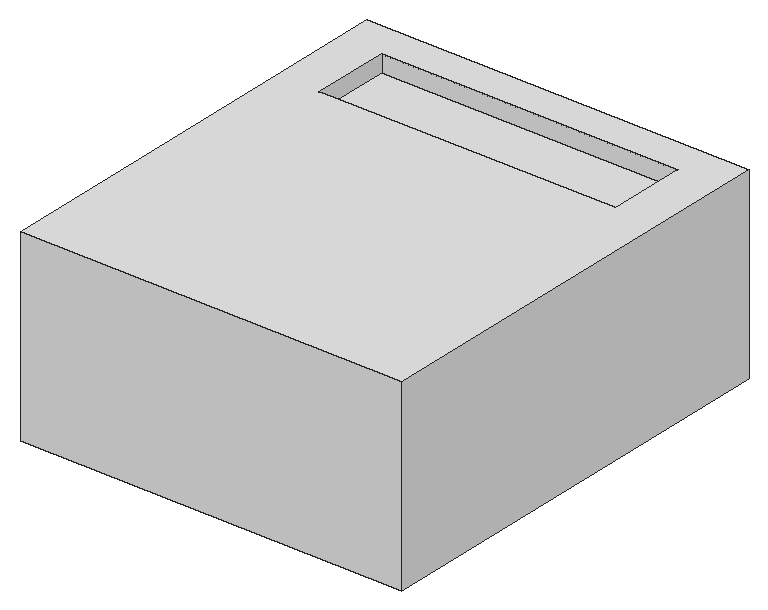
Revit family "Data_Device-Work_Area-Leviton-Surface-Mount-Housing", category Data Devices, host Face, Revit 2013
Parameters (values of type "2-Port")
  z Width = if(z Leviton Type = 1, 2.28000", if(z Leviton Type = 2, 2.25000", if(z Leviton Type = 3, 3.00000", if(z Leviton Type = 4, 3.22000", if(z Leviton Type = 5, 5.20000", if(z Leviton Type = 6, 3.25000", if(z Leviton Type = 12, 5.04000", 3.00000")))))))  # 2.25000"
  z White [instance] = Leviton Color = z Set Color White  # yes
  z Set Color White [instance] = Color Selection : White
  z Set Color Light Almond [instance] = Color Selection : Light Almond
  z Set Color Ivory [instance] = Color Selection : Ivory
  z Set Color Grey [instance] = Color Selection : Grey
  z Set Color Black [instance] = Color Selection : Black
  z Light Almond [instance] = Leviton Color = z Set Color Light Almond  # no
  z Leviton Wallplate Color [instance] = if(and(z White, not(z Light Almond), not(z Ivory), not(z Grey), not(z Black)), 1, if(and(not(z White), z Light Almond, not(z Ivory), not(z Grey), not(z Black)), 2, if(and(not(z White), not(z Light Almond), z Ivory, not(z Grey), not(z Black)), 3, if(and(not(z White), not(z Light Almond), not(z Ivory), z Grey, not(z Black)), 4, if(and(not(z White), not(z Light Almond), not(z Ivory), not(z Grey), z Black), 5, 0)))))  # 1
  z Leviton Type = 2
  z Ivory [instance] = Leviton Color = z Set Color Ivory  # no
  z Has 12 Ports = z Leviton Type = 12  # no
  z Has 06 Ports = z Leviton Type = 6  # no
  z Has 04 S Ports = z Leviton Type = 5  # no
  z Has 04 Ports = z Leviton Type = 4  # no
  z Has 02 S Ports = z Leviton Type = 3  # no
  z Has 02 Ports = z Leviton Type = 2  # yes
  z Has 01 Port = z Leviton Type = 1  # no
  z Grey [instance] = Leviton Color = z Set Color Grey  # no
  z Distance = if(z Collapse, 0.00000", 6.00000")  # 0.00000"
  z Depth = if(z Leviton Type = 1, 1.01000", if(z Leviton Type = 2, 1.10000", if(z Leviton Type = 3, 1.22000", if(z Leviton Type = 4, 1.05000", if(z Leviton Type = 5, 1.22000", if(z Leviton Type = 6, 1.09000", if(z Leviton Type = 12, 1.12000", 1.20000")))))))  # 1.10000"
  z Collapse = yes
  z Black [instance] = Leviton Color = z Set Color Black  # no
  Width [instance] = z Width  # 2.25000"
  URL = "http://www.leviton.com/networksolutions"
  UPC Code [instance] = ""
  Type Comments = ""
  Technical Support Phone Number = "1-800-824-3005"  # constant formula
  Shielded = or(z Leviton Type = 3, z Leviton Type = 5)  # no
  Serial Number [instance] = ""
  Quantity per Package = 0
  Product Documentation Link = "http://www.leviton.com/OA_HTML/SectionDisplay.jsp?section=42100&minisite=10251&page=2"
  Port Count [instance] = 0
  Plenum Rated = or(z Leviton Type = 1, z Leviton Type = 2)  # yes
  Part Number [instance] = if(and(z Leviton Wallplate Color = 1, z Leviton Type = 1), "41089-1WP", if(and(z Leviton Wallplate Color = 1, z Leviton Type = 3), "4S089-2WP", if(and(z Leviton Wallplate Color = 1, z Leviton Type = 2), "41089-2WP", if(and(z Leviton Wallplate Color = 1, z Leviton Type = 5), "4S089-4WP", if(and(z Leviton Wallplate Color = 1, z Leviton Type = 4), "41089-4WP", if(and(z Leviton Wallplate Color = 1, z Leviton Type = 6), "41089-6WP", if(and(z Leviton Wallplate Color = 1, z Leviton Type = 12), "41089-12W", if(and(z Leviton Wallplate Color = 2, z Leviton Type = 2), "41089-2TP", if(and(z Leviton Wallplate Color = 3, z Leviton Type = 1), "41089-1IP", if(and(z Leviton Wallplate Color = 3, z Leviton Type = 3), "4S089-2IP", if(and(z Leviton Wallplate Color = 3, z Leviton Type = 2), "41089-2IP", if(and(z Leviton Wallplate Color = 3, z Leviton Type = 5), "4S089-4IP", if(and(z Leviton Wallplate Color = 3, z Leviton Type = 4), "41089-4IP", if(and(z Leviton Wallplate Color = 3, z Leviton Type = 6), "41089-6IP", if(and(z Leviton Wallplate Color = 3, z Leviton Type = 12), "41089-12I", if(and(z Leviton Wallplate Color = 4, z Leviton Type = 1), "41089-1GP", if(and(z Leviton Wallplate Color = 4, z Leviton Type = 2), "41089-2GP", if(and(z Leviton Wallplate Color = 4, z Leviton Type = 4), "41089-4GP", if(and(z Leviton Wallplate Color = 4, z Leviton Type = 6), "41089-6GP", if(and(z Leviton Wallplate Color = 4, z Leviton Type = 12), "41089-12G", if(and(z Leviton Wallplate Color = 5, z Leviton Type = 1), "41089-1EP", if(and(z Leviton Wallplate Color = 5, z Leviton Type = 2), "41089-2EP", if(and(z Leviton Wallplate Color = 5, z Leviton Type = 4), "41089-4EP", if(and(z Leviton Wallplate Color = 5, z Leviton Type = 6), "41089-6EP", if(and(z Leviton Wallplate Color = 5, z Leviton Type = 12), "41089-12E", "Error: Please verify that the selected options are available \r\r\nand try again.")))))))))))))))))))))))))  # "41089-2WP"
  Part Description = Description  # "Surface-Mount QuickPort Box"
  Original Creation Date = "February 18, 2016"  # constant formula
  Model Disclaimer = "http://www.leviton.com/BIMterms"
  Model = " "
  Minimum Order Quantity = 0
  Manufacturer = "Leviton"  # constant formula
  Leviton Color [instance] = Color Selection : White
  Height [instance] = if(z Leviton Type = 1, 1.41000", if(z Leviton Type = 2, 2.55000", if(z Leviton Type = 3, 2.50000", if(z Leviton Type = 4, 4.78000", if(z Leviton Type = 5, 5.60000", if(z Leviton Type = 6, 6.55000", if(z Leviton Type = 12, 7.44000", 6.00000")))))))  # 2.55000"
  Family Version = "1.0.0"  # constant formula
  Equipment Type = ""
  Equipment Abbreviation = "QPSM"  # constant formula
  Description = "Surface-Mount QuickPort Box"
  Default Elevation = 18.00000"
  Date Last Modified = "January 1, 2017"  # constant formula
  Copyright = "Copyright © 2012-2017 Leviton Manufacturing Co., Inc."  # constant formula
  Check for Latest Version = "http://www.leviton.com/OA_HTML/SectionDisplay.jsp?section=42915&minisite=10251"
  Channel Count [instance] = 0
  Buy America Act [instance] = yes
  Assembly Code = "D5030600"
  Annotation Symbol is Visible = yes
  Annotation Symbol [instance] = Symbol : Data
Types (7): name | z Width | z Leviton Type | z Has 12 Ports | z Has 06 Ports | z Has 04 S Ports | z Has 04 Ports | z Has 02 S Ports | z Has 02 Ports | z Has 01 Port | z Depth | Width | Shielded | Plenum Rated | Part Number | Height
  4-Port | 3.22000" | 4 | no | no | no | yes | no | no | no | 1.05000" | 3.22000" | no | no | "41089-4WP" | 4.78000"
  6-Port | 3.25000" | 6 | no | yes | no | no | no | no | no | 1.09000" | 3.25000" | no | no | "41089-6WP" | 6.55000"
  2-Port | 2.25000" | 2 | no | no | no | no | no | yes | no | 1.10000" | 2.25000" | no | yes | "41089-2WP" | 2.55000"
  1-Port | 2.28000" | 1 | no | no | no | no | no | no | yes | 1.01000" | 2.28000" | no | yes | "41089-1WP" | 1.41000"
  12-Port | 5.04000" | 12 | yes | no | no | no | no | no | no | 1.12000" | 5.04000" | no | no | "41089-12W" | 7.44000"
  4-Port, Shielded | 5.20000" | 5 | no | no | yes | no | no | no | no | 1.22000" | 5.20000" | yes | no | "4S089-4WP" | 5.60000"
  2-Port, Shielded | 3.00000" | 3 | no | no | no | no | yes | no | no | 1.22000" | 3.00000" | yes | no | "4S089-2WP" | 2.50000"
Reference planes (in)
  plane 1 "Center (Front/Back)": y = 0.3225
  plane 2 "Mounting Surface": z = 0
  plane 3 "Center (Left/Right)": x = -0.9065
  plane 4 "Front": z = 1.1
  plane 5: y = -0.9525
  plane 6 "Left": x = -2.0315
  plane 7 "Right": x = 0.2185
  plane 8: y = 1.5975
  plane 9: y = -0.9525
  plane 10: y = -0.9525
  plane 11: y = -0.9525
  plane 12: y = -0.9525
  plane 13: y = 1.5975
  plane 14: y = 1.5975
  plane 15: y = 1.5975
  plane 16 "Top": y = 1.5975
  plane 17 "Bottom": y = -0.9525
  plane 18 "Void Collector": z = -1.03
  plane 19 "Masking": z = 0.05
Forms (in)
  Extrusion 1, solid, not visible, detail levels fine
    sketch origin (0, 0, 0) x (1, 0, 0) y (0, 1, 0)
      loop
        line (-5.103, 3.3225) -> (-5.103, -2.6775) -> (3.29, -2.6775) -> (3.29, 3.3225) -> (-5.103, 3.3225)
    from 0 to -1.03
  Extrusion 2, solid, material "Plastic - Leviton - White", visible <- "z White"
    sketch origin (0, 33, 0) x (1, 0, 0) y (0, 1, 0)
      loop
        line (-2.0315, -31.4025) -> (-2.0315, -33.9525) -> (0.2185, -33.9525) -> (0.2185, -31.4025) -> (-2.0315, -31.4025)
    from 0 to 1.1
  Extrusion 3, solid, material "Plastic - Leviton - Light Almond", visible <- "z Light Almond"
    sketch origin (0, 25.5, 0) x (1, 0, 0) y (0, 1, 0)
      loop
        line (-2.0315, -23.9025) -> (-2.0315, -26.4525) -> (0.2185, -26.4525) -> (0.2185, -23.9025) -> (-2.0315, -23.9025)
    from 0 to 1.1
  Extrusion 4, solid, material "Plastic - Leviton - Ivory", visible <- "z Ivory"
    sketch origin (0, 18.75, 0) x (1, 0, 0) y (0, 1, 0)
      loop
        line (-2.0315, -17.1525) -> (-2.0315, -19.7025) -> (0.2185, -19.7025) -> (0.2185, -17.1525) -> (-2.0315, -17.1525)
    from 0 to 1.1
  Extrusion 5, solid, material "Plastic - Leviton - Grey", visible <- "z Grey"
    sketch origin (0, 11.75, 0) x (1, 0, 0) y (0, 1, 0)
      loop
        line (-2.0315, -10.1525) -> (-2.0315, -12.7025) -> (0.2185, -12.7025) -> (0.2185, -10.1525) -> (-2.0315, -10.1525)
    from 0 to 1.1
  Extrusion 6, solid, material "Plastic - Leviton - Black", visible <- "z Black"
    sketch origin (0, 3, 0) x (1, 0, 0) y (0, 1, 0)
      loop
        line (-2.0315, -1.4025) -> (-2.0315, -3.9525) -> (0.2185, -3.9525) -> (0.2185, -1.4025) -> (-2.0315, -1.4025)
    from 0 to 1.1
  Extrusion 7, void
    sketch origin (1.10031, -0.12477, 0.08) x (-1, 0, 0) y (0, -1, 0)
      loop
        line (2.87998, -1.51969) -> (2.87998, -1.05978) -> (1.13363, -1.05978) -> (1.13363, -1.51969) -> (2.87998, -1.51969)
    from 0.92 to 1.02
Cuts and joins
  Extrusion 7 cuts Extrusion 6
  Extrusion 7 cuts Extrusion 5
  Extrusion 7 cuts Extrusion 4
  Extrusion 7 cuts Extrusion 3
  Extrusion 7 cuts Extrusion 2
Lines and regions (in)
  Masking region 1, detail levels coarse+medium
    outline origin (0.2185, 0, 0) x (0, -1, 0) y (0, 0, 1)
      loop
        line (-1.5975, 1.1) -> (-1.5975, 0) -> (0.9525, 0) -> (0.9525, 1.1) -> (-1.5975, 1.1)
  Masking region 2, detail levels coarse+medium
    outline origin (-2.0315, 0, 0) x (0, -1, 0) y (0, 0, 1)
      loop
        line (0.9525, 0) -> (0.9525, 1.1) -> (-1.5975, 1.1) -> (-1.5975, 0) -> (0.9525, 0)
  Masking region 3
    outline origin (0, 1.5975, 0) x (-1, 0, 0) y (0, 0, 1)
      loop
        line (2.0315, 0) -> (2.0315, 1.1) -> (-0.2185, 1.1) -> (-0.2185, 0) -> (2.0315, 0)
  Masking region 4
    outline origin (0.2185, 0, 0) x (0, -1, 0) y (0, 0, 1)
      loop
        line (0.9525, 1.1) -> (-1.5975, 1.1) -> (-1.5975, 0) -> (0.9525, 0) -> (0.9525, 1.1)
  Masking region 5
    outline origin (0, -0.9525, 0) x (-1, 0, 0) y (0, 0, 1)
      loop
        line (-0.2185, 1.1) -> (-0.2185, 0) -> (2.0315, 0) -> (2.0315, 1.1) -> (-0.2185, 1.1)
  Masking region 6
    outline origin (0, 0, 0.05) x (-1, 0, 0) y (0, -1, 0)
      loop
        line (2.0315, -1.5975) -> (2.0315, 0.9525) -> (-0.2185, 0.9525) -> (-0.2185, -1.5975) -> (2.0315, -1.5975)
  symbolic lines, style "Wallplates"
    curve 1: line (0.2185, -0.9525, 1.1) -> (0.2185, 1.5975, 1.1)
    curve 2: line (0.2185, -0.9525, 0) -> (0.2185, -0.9525, 1.1)
    curve 3: line (0.2185, 1.5975, 0) -> (0.2185, -0.9525, 0)
    curve 4: line (0.2185, 1.5975, 1.1) -> (0.2185, 1.5975, 0)
    curve 5: line (-2.0315, 1.5975, 1.1) -> (-2.0315, -0.9525, 1.1)
    curve 6: line (-2.0315, 1.5975, 0) -> (-2.0315, 1.5975, 1.1)
    curve 7: line (-2.0315, -0.9525, 0) -> (-2.0315, 1.5975, 0)
    curve 8: line (-2.0315, -0.9525, 1.1) -> (-2.0315, -0.9525, 0)
  model lines, style "Host", visible <- "z Has 06 Ports", detail levels medium+fine
    curve 9: line (0.2185, -2.65869, 0.23832) -> (0.2185, -2.07789, 0.23832)
    curve 10: line (0.2185, -2.65869, 0.93828) -> (0.2185, -2.65869, 0.23832)
    curve 11: line (0.2185, -2.07789, 0.93828) -> (0.2185, -2.65869, 0.93828)
    curve 12: line (0.2185, -2.07789, 0.23832) -> (0.2185, -2.07789, 0.93828)
    curve 13: line (0.2185, -1.72073, 0.23832) -> (0.2185, -1.13993, 0.23832)
    curve 14: line (0.2185, -1.72073, 0.93828) -> (0.2185, -1.72073, 0.23832)
    curve 15: line (0.2185, -1.13993, 0.93828) -> (0.2185, -1.72073, 0.93828)
    curve 16: line (0.2185, -1.13993, 0.23832) -> (0.2185, -1.13993, 0.93828)
    curve 17: line (0.2185, -0.78278, 0.23832) -> (0.2185, -0.20198, 0.23832)
    curve 18: line (0.2185, -0.78278, 0.93828) -> (0.2185, -0.78278, 0.23832)
    curve 19: line (0.2185, -0.20198, 0.93828) -> (0.2185, -0.78278, 0.93828)
    curve 20: line (0.2185, -0.20198, 0.23832) -> (0.2185, -0.20198, 0.93828)
    curve 21: line (0.2185, 0.15517, 0.23832) -> (0.2185, 0.73597, 0.23832)
    curve 22: line (0.2185, 0.15517, 0.93828) -> (0.2185, 0.15517, 0.23832)
    curve 23: line (0.2185, 0.73597, 0.93828) -> (0.2185, 0.15517, 0.93828)
    curve 24: line (0.2185, 0.73597, 0.23832) -> (0.2185, 0.73597, 0.93828)
    curve 25: line (0.2185, 1.09313, 0.23832) -> (0.2185, 1.67393, 0.23832)
    curve 26: line (0.2185, 1.09313, 0.93828) -> (0.2185, 1.09313, 0.23832)
    curve 27: line (0.2185, 1.67393, 0.93828) -> (0.2185, 1.09313, 0.93828)
    curve 28: line (0.2185, 1.67393, 0.23832) -> (0.2185, 1.67393, 0.93828)
    curve 29: line (0.2185, 2.03108, 0.23832) -> (0.2185, 2.61188, 0.23832)
    curve 30: line (0.2185, 2.03108, 0.93828) -> (0.2185, 2.03108, 0.23832)
    curve 31: line (0.2185, 2.61188, 0.93828) -> (0.2185, 2.03108, 0.93828)
    curve 32: line (0.2185, 2.61188, 0.23832) -> (0.2185, 2.61188, 0.93828)
  model lines, style "Host", visible <- "z Has 06 Ports", not visible, detail levels medium+fine
    curve 33: line (0.2185, -2.65869, 0.23832) -> (0.2185, -2.07789, 0.23832)
    curve 34: line (0.2185, -2.65869, 0.93828) -> (0.2185, -2.65869, 0.23832)
    curve 35: line (0.2185, -2.07789, 0.93828) -> (0.2185, -2.65869, 0.93828)
    curve 36: line (0.2185, -2.07789, 0.23832) -> (0.2185, -2.07789, 0.93828)
    curve 37: line (0.2185, -1.72073, 0.23832) -> (0.2185, -1.13993, 0.23832)
    curve 38: line (0.2185, -1.72073, 0.93828) -> (0.2185, -1.72073, 0.23832)
    curve 39: line (0.2185, -1.13993, 0.93828) -> (0.2185, -1.72073, 0.93828)
    curve 40: line (0.2185, -1.13993, 0.23832) -> (0.2185, -1.13993, 0.93828)
    curve 41: line (0.2185, -0.78278, 0.23832) -> (0.2185, -0.20198, 0.23832)
    curve 42: line (0.2185, -0.78278, 0.93828) -> (0.2185, -0.78278, 0.23832)
    curve 43: line (0.2185, -0.20198, 0.93828) -> (0.2185, -0.78278, 0.93828)
    curve 44: line (0.2185, -0.20198, 0.23832) -> (0.2185, -0.20198, 0.93828)
    curve 45: line (0.2185, 0.15517, 0.23832) -> (0.2185, 0.73597, 0.23832)
    curve 46: line (0.2185, 0.15517, 0.93828) -> (0.2185, 0.15517, 0.23832)
    curve 47: line (0.2185, 0.73597, 0.93828) -> (0.2185, 0.15517, 0.93828)
    curve 48: line (0.2185, 0.73597, 0.23832) -> (0.2185, 0.73597, 0.93828)
    curve 49: line (0.2185, 1.09313, 0.23832) -> (0.2185, 1.67393, 0.23832)
    curve 50: line (0.2185, 1.09313, 0.93828) -> (0.2185, 1.09313, 0.23832)
    curve 51: line (0.2185, 1.67393, 0.93828) -> (0.2185, 1.09313, 0.93828)
    curve 52: line (0.2185, 1.67393, 0.23832) -> (0.2185, 1.67393, 0.93828)
    curve 53: line (0.2185, 2.03108, 0.23832) -> (0.2185, 2.61188, 0.23832)
    curve 54: line (0.2185, 2.03108, 0.93828) -> (0.2185, 2.03108, 0.23832)
    curve 55: line (0.2185, 2.61188, 0.93828) -> (0.2185, 2.03108, 0.93828)
    curve 56: line (0.2185, 2.61188, 0.23832) -> (0.2185, 2.61188, 0.93828)
  model lines, style "Host", visible <- "z Has 04 S Ports", detail levels medium+fine
    curve 57: line (0.2185, -1.36912, 0.977) -> (0.2185, -0.79149, 0.977)
    curve 58: line (0.2185, -1.36912, 0.32236) -> (0.2185, -1.36912, 0.977)
    curve 59: line (0.2185, -0.79149, 0.32236) -> (0.2185, -1.36912, 0.32236)
    curve 60: line (0.2185, -0.79149, 0.977) -> (0.2185, -0.79149, 0.32236)
    curve 61: line (0.2185, -0.43391, 0.977) -> (0.2185, 0.14372, 0.977)
    curve 62: line (0.2185, -0.43391, 0.32236) -> (0.2185, -0.43391, 0.977)
    curve 63: line (0.2185, 0.14372, 0.32236) -> (0.2185, -0.43391, 0.32236)
    curve 64: line (0.2185, 0.14372, 0.977) -> (0.2185, 0.14372, 0.32236)
    curve 65: line (0.2185, 0.5013, 0.977) -> (0.2185, 1.07893, 0.977)
    curve 66: line (0.2185, 0.5013, 0.32236) -> (0.2185, 0.5013, 0.977)
    curve 67: line (0.2185, 1.07893, 0.32236) -> (0.2185, 0.5013, 0.32236)
    curve 68: line (0.2185, 1.07893, 0.977) -> (0.2185, 1.07893, 0.32236)
    curve 69: line (0.2185, 1.43651, 0.977) -> (0.2185, 2.01413, 0.977)
    curve 70: line (0.2185, 1.43651, 0.32236) -> (0.2185, 1.43651, 0.977)
    curve 71: line (0.2185, 2.01413, 0.32236) -> (0.2185, 1.43651, 0.32236)
    curve 72: line (0.2185, 2.01413, 0.977) -> (0.2185, 2.01413, 0.32236)
  model lines, style "Host", visible <- "z Has 04 S Ports", not visible, detail levels medium+fine
    curve 73: line (0.2185, -1.36912, 0.977) -> (0.2185, -0.79149, 0.977)
    curve 74: line (0.2185, -1.36912, 0.32236) -> (0.2185, -1.36912, 0.977)
    curve 75: line (0.2185, -0.79149, 0.32236) -> (0.2185, -1.36912, 0.32236)
    curve 76: line (0.2185, -0.79149, 0.977) -> (0.2185, -0.79149, 0.32236)
    curve 77: line (0.2185, -0.43391, 0.977) -> (0.2185, 0.14372, 0.977)
    curve 78: line (0.2185, -0.43391, 0.32236) -> (0.2185, -0.43391, 0.977)
    curve 79: line (0.2185, 0.14372, 0.32236) -> (0.2185, -0.43391, 0.32236)
    curve 80: line (0.2185, 0.14372, 0.977) -> (0.2185, 0.14372, 0.32236)
    curve 81: line (0.2185, 0.5013, 0.977) -> (0.2185, 1.07893, 0.977)
    curve 82: line (0.2185, 0.5013, 0.32236) -> (0.2185, 0.5013, 0.977)
    curve 83: line (0.2185, 1.07893, 0.32236) -> (0.2185, 0.5013, 0.32236)
    curve 84: line (0.2185, 1.07893, 0.977) -> (0.2185, 1.07893, 0.32236)
    curve 85: line (0.2185, 1.43651, 0.977) -> (0.2185, 2.01413, 0.977)
    curve 86: line (0.2185, 1.43651, 0.32236) -> (0.2185, 1.43651, 0.977)
    curve 87: line (0.2185, 2.01413, 0.32236) -> (0.2185, 1.43651, 0.32236)
    curve 88: line (0.2185, 2.01413, 0.977) -> (0.2185, 2.01413, 0.32236)
  model lines, style "Host", visible <- "z Has 04 Ports", detail levels medium+fine
    curve 89: line (0.2185, -1.64215, 0.233) -> (0.2185, -1.06315, 0.233)
    curve 90: line (0.2185, -1.64215, 0.873) -> (0.2185, -1.64215, 0.233)
    curve 91: line (0.2185, -1.06315, 0.873) -> (0.2185, -1.64215, 0.873)
    curve 92: line (0.2185, -1.06315, 0.233) -> (0.2185, -1.06315, 0.873)
    curve 93: line (0.2185, -0.70415, 0.233) -> (0.2185, -0.12515, 0.233)
    curve 94: line (0.2185, -0.70415, 0.873) -> (0.2185, -0.70415, 0.233)
    curve 95: line (0.2185, -0.12515, 0.873) -> (0.2185, -0.70415, 0.873)
    curve 96: line (0.2185, -0.12515, 0.233) -> (0.2185, -0.12515, 0.873)
    curve 97: line (0.2185, 0.23385, 0.233) -> (0.2185, 0.81285, 0.233)
    curve 98: line (0.2185, 0.23385, 0.873) -> (0.2185, 0.23385, 0.233)
    curve 99: line (0.2185, 0.81285, 0.873) -> (0.2185, 0.23385, 0.873)
    curve 100: line (0.2185, 0.81285, 0.233) -> (0.2185, 0.81285, 0.873)
    curve 101: line (0.2185, 1.17185, 0.233) -> (0.2185, 1.75085, 0.233)
    curve 102: line (0.2185, 1.17185, 0.873) -> (0.2185, 1.17185, 0.233)
    curve 103: line (0.2185, 1.75085, 0.873) -> (0.2185, 1.17185, 0.873)
    curve 104: line (0.2185, 1.75085, 0.233) -> (0.2185, 1.75085, 0.873)
  model lines, style "Host", visible <- "z Has 04 Ports", not visible, detail levels medium+fine
    curve 105: line (0.2185, -1.64215, 0.233) -> (0.2185, -1.06315, 0.233)
    curve 106: line (0.2185, -1.64215, 0.873) -> (0.2185, -1.64215, 0.233)
    curve 107: line (0.2185, -1.06315, 0.873) -> (0.2185, -1.64215, 0.873)
    curve 108: line (0.2185, -1.06315, 0.233) -> (0.2185, -1.06315, 0.873)
    curve 109: line (0.2185, -0.70415, 0.233) -> (0.2185, -0.12515, 0.233)
    curve 110: line (0.2185, -0.70415, 0.873) -> (0.2185, -0.70415, 0.233)
    curve 111: line (0.2185, -0.12515, 0.873) -> (0.2185, -0.70415, 0.873)
    curve 112: line (0.2185, -0.12515, 0.233) -> (0.2185, -0.12515, 0.873)
    curve 113: line (0.2185, 0.23385, 0.233) -> (0.2185, 0.81285, 0.233)
    curve 114: line (0.2185, 0.23385, 0.873) -> (0.2185, 0.23385, 0.233)
    curve 115: line (0.2185, 0.81285, 0.873) -> (0.2185, 0.23385, 0.873)
    curve 116: line (0.2185, 0.81285, 0.233) -> (0.2185, 0.81285, 0.873)
    curve 117: line (0.2185, 1.17185, 0.233) -> (0.2185, 1.75085, 0.233)
    curve 118: line (0.2185, 1.17185, 0.873) -> (0.2185, 1.17185, 0.233)
    curve 119: line (0.2185, 1.75085, 0.873) -> (0.2185, 1.17185, 0.873)
    curve 120: line (0.2185, 1.75085, 0.233) -> (0.2185, 1.75085, 0.873)
  model lines, style "Host", visible <- "z Has 02 S Ports", detail levels medium+fine
    curve 121: line (0.2185, -0.60137, 0.32583) -> (0.2185, -0.01751, 0.32583)
    curve 122: line (0.2185, -0.60137, 0.98755) -> (0.2185, -0.60137, 0.32583)
    curve 123: line (0.2185, -0.01751, 0.98755) -> (0.2185, -0.60137, 0.98755)
    curve 124: line (0.2185, -0.01751, 0.32583) -> (0.2185, -0.01751, 0.98755)
    curve 125: line (0.2185, 1.24637, 0.32583) -> (0.2185, 0.66251, 0.32583)
    curve 126: line (0.2185, 1.24637, 0.98755) -> (0.2185, 1.24637, 0.32583)
    curve 127: line (0.2185, 0.66251, 0.98755) -> (0.2185, 1.24637, 0.98755)
    curve 128: line (0.2185, 0.66251, 0.32583) -> (0.2185, 0.66251, 0.98755)
  model lines, style "Host", visible <- "z Has 02 S Ports", not visible, detail levels medium+fine
    curve 129: line (0.2185, -0.60137, 0.32583) -> (0.2185, -0.01751, 0.32583)
    curve 130: line (0.2185, -0.60137, 0.98755) -> (0.2185, -0.60137, 0.32583)
    curve 131: line (0.2185, -0.01751, 0.98755) -> (0.2185, -0.60137, 0.98755)
    curve 132: line (0.2185, -0.01751, 0.32583) -> (0.2185, -0.01751, 0.98755)
    curve 133: line (0.2185, 1.24637, 0.32583) -> (0.2185, 0.66251, 0.32583)
    curve 134: line (0.2185, 1.24637, 0.98755) -> (0.2185, 1.24637, 0.32583)
    curve 135: line (0.2185, 0.66251, 0.98755) -> (0.2185, 1.24637, 0.98755)
    curve 136: line (0.2185, 0.66251, 0.32583) -> (0.2185, 0.66251, 0.98755)
  model lines, style "Host", visible <- "z Has 02 Ports", detail levels medium+fine
    curve 137: line (0.2185, -0.58568, 0.23286) -> (0.2185, -0.00389, 0.23286)
    curve 138: line (0.2185, -0.58568, 0.87247) -> (0.2185, -0.58568, 0.23286)
    curve 139: line (0.2185, -0.00389, 0.87247) -> (0.2185, -0.58568, 0.87247)
    curve 140: line (0.2185, -0.00389, 0.23286) -> (0.2185, -0.00389, 0.87247)
    curve 141: line (0.2185, 1.23068, 0.23286) -> (0.2185, 0.64889, 0.23286)
    curve 142: line (0.2185, 1.23068, 0.87247) -> (0.2185, 1.23068, 0.23286)
    curve 143: line (0.2185, 0.64889, 0.87247) -> (0.2185, 1.23068, 0.87247)
    curve 144: line (0.2185, 0.64889, 0.23286) -> (0.2185, 0.64889, 0.87247)
  model lines, style "Host", visible <- "z Has 02 Ports", not visible, detail levels medium+fine
    curve 145: line (0.2185, -0.58568, 0.23286) -> (0.2185, -0.00389, 0.23286)
    curve 146: line (0.2185, -0.58568, 0.87247) -> (0.2185, -0.58568, 0.23286)
    curve 147: line (0.2185, -0.00389, 0.87247) -> (0.2185, -0.58568, 0.87247)
    curve 148: line (0.2185, -0.00389, 0.23286) -> (0.2185, -0.00389, 0.87247)
    curve 149: line (0.2185, 1.23068, 0.23286) -> (0.2185, 0.64889, 0.23286)
    curve 150: line (0.2185, 1.23068, 0.87247) -> (0.2185, 1.23068, 0.23286)
    curve 151: line (0.2185, 0.64889, 0.87247) -> (0.2185, 1.23068, 0.87247)
    curve 152: line (0.2185, 0.64889, 0.23286) -> (0.2185, 0.64889, 0.87247)
  model lines, style "Host", visible <- "z Has 01 Port", detail levels medium+fine
    curve 153: line (0.2185, 0.61443, 0.86863) -> (0.2185, 0.03057, 0.86863)
    curve 154: line (0.2185, 0.61443, 0.22178) -> (0.2185, 0.61443, 0.86863)
    curve 155: line (0.2185, 0.03057, 0.22178) -> (0.2185, 0.61443, 0.22178)
    curve 156: line (0.2185, 0.03057, 0.22178) -> (0.2185, 0.03057, 0.86863)
  model lines, style "Host", visible <- "z Has 01 Port", not visible, detail levels medium+fine
    curve 157: line (0.2185, 0.61443, 0.86863) -> (0.2185, 0.03057, 0.86863)
    curve 158: line (0.2185, 0.61443, 0.22178) -> (0.2185, 0.61443, 0.86863)
    curve 159: line (0.2185, 0.03057, 0.22178) -> (0.2185, 0.61443, 0.22178)
    curve 160: line (0.2185, 0.03057, 0.22178) -> (0.2185, 0.03057, 0.86863)
  model lines, style "Host", visible <- "z Has 12 Ports", detail levels medium+fine
    curve 161: line (-2.0315, -1.65218, 0.263) -> (-2.0315, -1.07282, 0.263)
    curve 162: line (-2.0315, -1.65218, 0.903) -> (-2.0315, -1.65218, 0.263)
    curve 163: line (-2.0315, -1.07282, 0.903) -> (-2.0315, -1.65218, 0.903)
    curve 164: line (-2.0315, -1.07282, 0.263) -> (-2.0315, -1.07282, 0.903)
    curve 165: line (-2.0315, -0.71418, 0.263) -> (-2.0315, -0.13482, 0.263)
    curve 166: line (-2.0315, -0.71418, 0.903) -> (-2.0315, -0.71418, 0.263)
    curve 167: line (-2.0315, -0.13482, 0.903) -> (-2.0315, -0.71418, 0.903)
    curve 168: line (-2.0315, -0.13482, 0.263) -> (-2.0315, -0.13482, 0.903)
    curve 169: line (-2.0315, 0.22382, 0.263) -> (-2.0315, 0.80318, 0.263)
    curve 170: line (-2.0315, 0.22382, 0.903) -> (-2.0315, 0.22382, 0.263)
    curve 171: line (-2.0315, 0.80318, 0.903) -> (-2.0315, 0.22382, 0.903)
    curve 172: line (-2.0315, 0.80318, 0.263) -> (-2.0315, 0.80318, 0.903)
    curve 173: line (-2.0315, 1.16182, 0.263) -> (-2.0315, 1.74118, 0.263)
    curve 174: line (-2.0315, 1.16182, 0.903) -> (-2.0315, 1.16182, 0.263)
    curve 175: line (-2.0315, 1.74118, 0.903) -> (-2.0315, 1.16182, 0.903)
    curve 176: line (-2.0315, 1.74118, 0.263) -> (-2.0315, 1.74118, 0.903)
    curve 177: line (-2.0315, 2.09982, 0.263) -> (-2.0315, 2.67918, 0.263)
    curve 178: line (-2.0315, 2.09982, 0.903) -> (-2.0315, 2.09982, 0.263)
    curve 179: line (-2.0315, 2.67918, 0.903) -> (-2.0315, 2.09982, 0.903)
    curve 180: line (-2.0315, 2.67918, 0.263) -> (-2.0315, 2.67918, 0.903)
    curve 181: line (-2.0315, 3.03782, 0.263) -> (-2.0315, 3.61718, 0.263)
    curve 182: line (-2.0315, 3.03782, 0.903) -> (-2.0315, 3.03782, 0.263)
    curve 183: line (-2.0315, 3.61718, 0.903) -> (-2.0315, 3.03782, 0.903)
    curve 184: line (-2.0315, 3.61718, 0.263) -> (-2.0315, 3.61718, 0.903)
    curve 217: line (0.2185, -1.65218, 0.263) -> (0.2185, -1.07282, 0.263)
    curve 218: line (0.2185, -1.65218, 0.903) -> (0.2185, -1.65218, 0.263)
    curve 219: line (0.2185, -1.07282, 0.903) -> (0.2185, -1.65218, 0.903)
    curve 220: line (0.2185, -1.07282, 0.263) -> (0.2185, -1.07282, 0.903)
    curve 221: line (0.2185, -0.71418, 0.263) -> (0.2185, -0.13482, 0.263)
    curve 222: line (0.2185, -0.71418, 0.903) -> (0.2185, -0.71418, 0.263)
    curve 223: line (0.2185, -0.13482, 0.903) -> (0.2185, -0.71418, 0.903)
    curve 224: line (0.2185, -0.13482, 0.263) -> (0.2185, -0.13482, 0.903)
    curve 225: line (0.2185, 0.22382, 0.263) -> (0.2185, 0.80318, 0.263)
    curve 226: line (0.2185, 0.22382, 0.903) -> (0.2185, 0.22382, 0.263)
    curve 227: line (0.2185, 0.80318, 0.903) -> (0.2185, 0.22382, 0.903)
    curve 228: line (0.2185, 0.80318, 0.263) -> (0.2185, 0.80318, 0.903)
    curve 229: line (0.2185, 1.16182, 0.263) -> (0.2185, 1.74118, 0.263)
    curve 230: line (0.2185, 1.16182, 0.903) -> (0.2185, 1.16182, 0.263)
    curve 231: line (0.2185, 1.74118, 0.903) -> (0.2185, 1.16182, 0.903)
    curve 232: line (0.2185, 1.74118, 0.263) -> (0.2185, 1.74118, 0.903)
    curve 233: line (0.2185, 2.09982, 0.263) -> (0.2185, 2.67918, 0.263)
    curve 234: line (0.2185, 2.09982, 0.903) -> (0.2185, 2.09982, 0.263)
    curve 235: line (0.2185, 2.67918, 0.903) -> (0.2185, 2.09982, 0.903)
    curve 236: line (0.2185, 2.67918, 0.263) -> (0.2185, 2.67918, 0.903)
    curve 237: line (0.2185, 3.03782, 0.263) -> (0.2185, 3.61718, 0.263)
    curve 238: line (0.2185, 3.03782, 0.903) -> (0.2185, 3.03782, 0.263)
    curve 239: line (0.2185, 3.61718, 0.903) -> (0.2185, 3.03782, 0.903)
    curve 240: line (0.2185, 3.61718, 0.263) -> (0.2185, 3.61718, 0.903)
  model lines, style "Host", visible <- "z Has 12 Ports", not visible, detail levels medium+fine
    curve 185: line (-3.4265, -1.65218, 0.263) -> (-3.4265, -1.07282, 0.263)
    curve 186: line (-3.4265, -1.65218, 0.903) -> (-3.4265, -1.65218, 0.263)
    curve 187: line (-3.4265, -1.07282, 0.903) -> (-3.4265, -1.65218, 0.903)
    curve 188: line (-3.4265, -1.07282, 0.263) -> (-3.4265, -1.07282, 0.903)
    curve 189: line (-3.4265, -0.71418, 0.263) -> (-3.4265, -0.13482, 0.263)
    curve 190: line (-3.4265, -0.71418, 0.903) -> (-3.4265, -0.71418, 0.263)
    curve 191: line (-3.4265, -0.13482, 0.903) -> (-3.4265, -0.71418, 0.903)
    curve 192: line (-3.4265, -0.13482, 0.263) -> (-3.4265, -0.13482, 0.903)
    curve 193: line (-3.4265, 0.22382, 0.263) -> (-3.4265, 0.80318, 0.263)
    curve 194: line (-3.4265, 0.22382, 0.903) -> (-3.4265, 0.22382, 0.263)
    curve 195: line (-3.4265, 0.80318, 0.903) -> (-3.4265, 0.22382, 0.903)
    curve 196: line (-3.4265, 0.80318, 0.263) -> (-3.4265, 0.80318, 0.903)
    curve 197: line (-3.4265, 1.16182, 0.263) -> (-3.4265, 1.74118, 0.263)
    curve 198: line (-3.4265, 1.16182, 0.903) -> (-3.4265, 1.16182, 0.263)
    curve 199: line (-3.4265, 1.74118, 0.903) -> (-3.4265, 1.16182, 0.903)
    curve 200: line (-3.4265, 1.74118, 0.263) -> (-3.4265, 1.74118, 0.903)
    curve 201: line (-3.4265, 2.09982, 0.263) -> (-3.4265, 2.67918, 0.263)
    curve 202: line (-3.4265, 2.09982, 0.903) -> (-3.4265, 2.09982, 0.263)
    curve 203: line (-3.4265, 2.67918, 0.903) -> (-3.4265, 2.09982, 0.903)
    curve 204: line (-3.4265, 2.67918, 0.263) -> (-3.4265, 2.67918, 0.903)
    curve 205: line (-3.4265, 3.03782, 0.263) -> (-3.4265, 3.61718, 0.263)
    curve 206: line (-3.4265, 3.03782, 0.903) -> (-3.4265, 3.03782, 0.263)
    curve 207: line (-3.4265, 3.61718, 0.903) -> (-3.4265, 3.03782, 0.903)
    curve 208: line (-3.4265, 3.61718, 0.263) -> (-3.4265, 3.61718, 0.903)
  reference lines, visible <- "z Has 06 Ports"
    curve 209: line (0.2185, -2.36829, 0.93828) -> (0.2185, -2.36829, 0.23832)
    curve 210: line (0.2185, -1.43033, 0.93828) -> (0.2185, -1.43033, 0.23832)
    curve 211: line (0.2185, 2.32148, 0.93828) -> (0.2185, 2.32148, 0.23832)
    curve 212: line (0.2185, 1.38353, 0.93828) -> (0.2185, 1.38353, 0.23832)
    curve 241: line (0.2185, -0.49238, 0.93828) -> (0.2185, -0.49238, 0.23832)
    curve 242: line (0.2185, 0.44557, 0.93828) -> (0.2185, 0.44557, 0.23832)
    curve 245: line (0.2185, -2.65869, 0.5883) -> (0.2185, 2.61188, 0.5883)
  reference lines, visible <- "z Has 06 Ports", not visible
    curve 213: line (0.2185, -2.36829, 0.93828) -> (0.2185, -2.36829, 0.23832)
    curve 214: line (0.2185, -1.43033, 0.93828) -> (0.2185, -1.43033, 0.23832)
    curve 215: line (0.2185, 2.32148, 0.93828) -> (0.2185, 2.32148, 0.23832)
    curve 216: line (0.2185, 1.38353, 0.93828) -> (0.2185, 1.38353, 0.23832)
    curve 243: line (0.2185, -0.49238, 0.93828) -> (0.2185, -0.49238, 0.23832)
    curve 244: line (0.2185, 0.44557, 0.93828) -> (0.2185, 0.44557, 0.23832)
    curve 246: line (0.2185, -2.65869, 0.5883) -> (0.2185, 2.61188, 0.5883)
  reference lines, visible <- "z Has 12 Ports"
    curve 247: line (-2.0315, 3.61718, 0.583) -> (-2.0315, -1.65218, 0.583)
    curve 248: line (-2.0315, 3.3275, 0.903) -> (-2.0315, 3.3275, 0.263)
    curve 249: line (-2.0315, 2.3895, 0.903) -> (-2.0315, 2.3895, 0.263)
    curve 250: line (-2.0315, 1.4515, 0.903) -> (-2.0315, 1.4515, 0.233)
    curve 251: line (-2.0315, 0.5135, 0.903) -> (-2.0315, 0.5135, 0.263)
    curve 252: line (-2.0315, -0.4245, 0.903) -> (-2.0315, -0.4245, 0.263)
    curve 253: line (-2.0315, -1.3625, 0.903) -> (-2.0315, -1.3625, 0.28311)
    curve 261: line (0.2185, 3.61718, 0.583) -> (0.2185, -1.65218, 0.583)
    curve 262: line (0.2185, 3.3275, 0.903) -> (0.2185, 3.3275, 0.263)
    curve 263: line (0.2185, 2.3895, 0.903) -> (0.2185, 2.3895, 0.263)
    curve 264: line (0.2185, 1.4515, 0.903) -> (0.2185, 1.4515, 0.233)
    curve 265: line (0.2185, 0.5135, 0.903) -> (0.2185, 0.5135, 0.263)
    curve 266: line (0.2185, -0.4245, 0.903) -> (0.2185, -0.4245, 0.263)
    curve 267: line (0.2185, -1.3625, 0.903) -> (0.2185, -1.3625, 0.28311)
  reference lines, visible <- "z Has 12 Ports", not visible
    curve 254: line (-3.4265, 3.61718, 0.583) -> (-3.4265, -1.65218, 0.583)
    curve 255: line (-3.4265, 3.3275, 0.903) -> (-3.4265, 3.3275, 0.263)
    curve 256: line (-3.4265, 2.3895, 0.903) -> (-3.4265, 2.3895, 0.263)
    curve 257: line (-3.4265, 1.4515, 0.903) -> (-3.4265, 1.4515, 0.233)
    curve 258: line (-3.4265, 0.5135, 0.903) -> (-3.4265, 0.5135, 0.263)
    curve 259: line (-3.4265, -0.4245, 0.903) -> (-3.4265, -0.4245, 0.263)
    curve 260: line (-3.4265, -1.3625, 0.903) -> (-3.4265, -1.3625, 0.28311)
  reference lines, visible <- "z Has 04 Ports"
    curve 268: line (0.2185, -1.64215, 0.553) -> (0.2185, 1.75085, 0.553)
    curve 269: line (0.2185, -1.35265, 0.873) -> (0.2185, -1.35265, 0.233)
    curve 270: line (0.2185, -0.41465, 0.873) -> (0.2185, -0.41465, 0.233)
    curve 271: line (0.2185, 0.52335, 0.873) -> (0.2185, 0.52335, 0.233)
    curve 272: line (0.2185, 1.46135, 0.873) -> (0.2185, 1.46135, 0.233)
  reference lines, visible <- "z Has 04 Ports", not visible
    curve 273: line (0.2185, -1.64215, 0.553) -> (0.2185, 1.75085, 0.553)
    curve 274: line (0.2185, -1.35265, 0.873) -> (0.2185, -1.35265, 0.233)
    curve 275: line (0.2185, -0.41465, 0.873) -> (0.2185, -0.41465, 0.233)
    curve 276: line (0.2185, 0.52335, 0.873) -> (0.2185, 0.52335, 0.233)
    curve 277: line (0.2185, 1.46135, 0.873) -> (0.2185, 1.46135, 0.233)
  reference lines, visible <- "z Has 04 S Ports"
    curve 278: line (0.2185, -1.36912, 0.64968) -> (0.2185, 2.01413, 0.64968)
    curve 279: line (0.2185, -1.08031, 0.977) -> (0.2185, -1.08031, 0.32236)
    curve 280: line (0.2185, -0.1451, 0.977) -> (0.2185, -0.1451, 0.32236)
    curve 281: line (0.2185, 0.79011, 0.977) -> (0.2185, 0.79011, 0.32236)
    curve 282: line (0.2185, 1.72532, 0.977) -> (0.2185, 1.72532, 0.32236)
  reference lines, visible <- "z Has 04 S Ports", not visible
    curve 283: line (0.2185, -1.36912, 0.64968) -> (0.2185, 2.01413, 0.64968)
    curve 284: line (0.2185, -1.08031, 0.977) -> (0.2185, -1.08031, 0.32236)
    curve 285: line (0.2185, -0.1451, 0.977) -> (0.2185, -0.1451, 0.32236)
    curve 286: line (0.2185, 0.79011, 0.977) -> (0.2185, 0.79011, 0.32236)
    curve 287: line (0.2185, 1.72532, 0.977) -> (0.2185, 1.72532, 0.32236)
  reference lines, visible <- "z Has 02 S Ports"
    curve 288: line (0.2185, -0.60137, 0.65669) -> (0.2185, 1.24637, 0.65669)
    curve 289: line (0.2185, -0.30944, 0.98755) -> (0.2185, -0.30944, 0.32583)
    curve 290: line (0.2185, 0.95444, 0.98755) -> (0.2185, 0.95444, 0.32583)
  reference lines, visible <- "z Has 02 S Ports", not visible
    curve 291: line (0.2185, -0.60137, 0.65669) -> (0.2185, 1.24637, 0.65669)
    curve 292: line (0.2185, -0.30944, 0.98755) -> (0.2185, -0.30944, 0.32583)
    curve 293: line (0.2185, 0.95444, 0.98755) -> (0.2185, 0.95444, 0.32583)
  reference lines, visible <- "z Has 02 Ports"
    curve 294: line (0.2185, -0.58568, 0.55266) -> (0.2185, 1.23068, 0.55266)
    curve 295: line (0.2185, -0.29478, 0.87247) -> (0.2185, -0.29478, 0.23286)
    curve 296: line (0.2185, 0.93978, 0.87247) -> (0.2185, 0.93978, 0.23286)
  reference lines, visible <- "z Has 02 Ports", not visible
    curve 297: line (0.2185, -0.58568, 0.55266) -> (0.2185, 1.23068, 0.55266)
    curve 298: line (0.2185, -0.29478, 0.87247) -> (0.2185, -0.29478, 0.23286)
    curve 299: line (0.2185, 0.93978, 0.87247) -> (0.2185, 0.93978, 0.23286)
  reference lines, visible <- "z Has 01 Port"
    curve 300: line (0.2185, 0.03057, 0.54521) -> (0.2185, 0.61443, 0.54521)
    curve 301: line (0.2185, 0.3225, 0.86863) -> (0.2185, 0.3225, 0.22178)
  reference lines, visible <- "z Has 01 Port", not visible
    curve 302: line (0.2185, 0.03057, 0.54521) -> (0.2185, 0.61443, 0.54521)
    curve 303: line (0.2185, 0.3225, 0.86863) -> (0.2185, 0.3225, 0.22178)
  model lines, style "Wallplates"
    curve 304: line (0.2185, -0.9525, 1.1) -> (-2.0315, -0.9525, 1.1)
    curve 305: line (0.2185, -0.9525, 0) -> (0.2185, -0.9525, 1.1)
    curve 306: line (-2.0315, -0.9525, 0) -> (0.2185, -0.9525, 0)
    curve 307: line (-2.0315, -0.9525, 1.1) -> (-2.0315, -0.9525, 0)
    curve 308: line (0.2185, 1.5975, 1.1) -> (-2.0315, 1.5975, 1.1)
    curve 309: line (0.2185, 1.5975, 0) -> (0.2185, 1.5975, 1.1)
    curve 310: line (-2.0315, 1.5975, 0) -> (0.2185, 1.5975, 0)
    curve 311: line (-2.0315, 1.5975, 1.1) -> (-2.0315, 1.5975, 0)
  model lines, style "Wallplates", detail levels medium+fine
    curve 312: line (-1.77968, 1.39492, 1.1) -> (-0.03332, 1.39492, 1.1)
    curve 313: line (-1.77968, 0.93501, 1.1) -> (-1.77968, 1.39492, 1.1)
    curve 314: line (-0.03332, 0.93501, 1.1) -> (-1.77968, 0.93501, 1.1)
    curve 315: line (-0.03332, 1.39492, 1.1) -> (-0.03332, 0.93501, 1.1)
Dimensions and locks (in)
  "z Depth": plane 4 "Front" to plane 2 "Mounting Surface"
  equal spacing: plane 8, plane 1 "Center (Front/Back)", plane 5
  "Height": plane 8 to plane 5
  "z Distance": plane 5 to plane 9
  "z Distance": plane 9 to plane 10
  "z Distance": plane 10 to plane 11
  "z Distance": plane 11 to plane 12
  "Height": plane 13 to plane 9
  "Height": plane 14 to plane 10
  "Height": plane 15 to plane 11
  "Height": plane 16 "Top" to plane 12
  "z Distance": plane 17 "Bottom" to plane 5
  "z Width": plane 6 "Left" to plane 7 "Right"
  equal spacing: plane 6 "Left", plane 3 "Center (Left/Right)", plane 7 "Right"
  level to plane 18 "Void Collector" = 1.03000"
  Extrusion 7 sketch curve to Extrusion 7 sketch curve = 0.45991"
  Extrusion 7 sketch curve to Extrusion 7 sketch curve = 1.74636"
  equal spacing: Extrusion 7 sketch curve, plane 3 "Center (Left/Right)", Extrusion 7 sketch curve
  Extrusion 7 sketch curve to plane 1 "Center (Front/Back)" = 0.61251"
  plane 1 "Center (Front/Back)" to Extrusion 7 sketch curve = 1.07242"  (x2)
  locked: cut or joined group of Extrusion 2, Extrusion 7 to cut or joined group of Extrusion 2, Extrusion 7 at 0.45991
  locked: cut or joined group of Extrusion 2, Extrusion 7 to plane 16 "Top" at 0.20258
  locked: cut or joined group of Extrusion 2, Extrusion 7 to cut or joined group of Extrusion 2, Extrusion 7 at 0.1
  aligned and locked: Extrusion 1 to plane 2 "Mounting Surface"
  aligned and locked: Extrusion 1 to level
  aligned and locked: Extrusion 2 to plane 5
  aligned and locked: plane 6 "Left" to Extrusion 2
  aligned and locked: Extrusion 2 to plane 7 "Right"
  aligned and locked: plane 8 to Extrusion 2
  aligned and locked: Extrusion 2 to level
  aligned and locked: plane 4 "Front" to Extrusion 2
  aligned and locked: Extrusion 3 to plane 9
  aligned and locked: Extrusion 4 to plane 10
  aligned and locked: plane 15 to Extrusion 5
  aligned and locked: Extrusion 5 to plane 11
  aligned and locked: plane 14 to Extrusion 4
  aligned and locked: plane 13 to Extrusion 3
  aligned and locked: Extrusion 6 to plane 12
  aligned and locked: plane 16 "Top" to Extrusion 6
  aligned and locked: plane 6 "Left" to Extrusion 3
  aligned and locked: plane 6 "Left" to Extrusion 4
  aligned and locked: plane 6 "Left" to Extrusion 5
  aligned and locked: plane 6 "Left" to Extrusion 6
  aligned and locked: Extrusion 3 to plane 7 "Right"
  aligned and locked: Extrusion 4 to plane 7 "Right"
  aligned and locked: Extrusion 5 to plane 7 "Right"
  aligned and locked: Extrusion 6 to plane 7 "Right"
  aligned and locked: plane 5 to Masking region 1 sketch curve
  aligned and locked: Masking region 1 sketch curve to plane 8
  aligned and locked: Masking region 1 sketch curve to plane 4 "Front"
  aligned and locked: level to Masking region 1 sketch curve
  aligned and locked: Masking region 2 sketch curve to Masking region 1  (x4)
  aligned and locked: plane 17 "Bottom" to curve 2
  aligned and locked: curve 4 to plane 16 "Top"
  aligned and locked: level to curve 3
  aligned and locked: level to Masking region 4 sketch curve
  aligned and locked: plane 17 "Bottom" to Masking region 4 sketch curve
  aligned and locked: Masking region 4 sketch curve to plane 16 "Top"
  aligned and locked: level to curve 7
  aligned and locked: curve 6 to plane 16 "Top"
  aligned and locked: plane 17 "Bottom" to curve 8
  aligned and locked: Masking region 5 sketch curve to level
  aligned and locked: plane 7 "Right" to Masking region 5 sketch curve
  aligned and locked: Masking region 5 sketch curve to plane 6 "Left"
  aligned and locked: curve 1 to plane 4 "Front"
  aligned and locked: plane 4 "Front" to curve 5
  aligned and locked: plane 4 "Front" to Masking region 5 sketch curve
  aligned and locked: Masking region 4 sketch curve to plane 4 "Front"
  aligned and locked: plane 4 "Front" to cut or joined group of Extrusion 3, Extrusion 7
  aligned and locked: plane 4 "Front" to cut or joined group of Extrusion 4, Extrusion 7
  aligned and locked: plane 4 "Front" to cut or joined group of Extrusion 5, Extrusion 7
  aligned and locked: plane 4 "Front" to cut or joined group of Extrusion 6, Extrusion 7
  aligned and locked: plane 4 "Front" to cut or joined group of Extrusion 2, Extrusion 7
  aligned and locked: curve 179 to plane 6 "Left"
  aligned and locked: curve 261 to plane 7 "Right"
  aligned and locked: Masking region 6 sketch curve to plane 8
  aligned and locked: plane 5 to Masking region 6 sketch curve
  aligned and locked: Masking region 6 sketch curve to plane 6 "Left"
  aligned and locked: plane 7 "Right" to Masking region 6 sketch curve
  aligned and locked: curve 304 to plane 4 "Front"
  aligned and locked: curve 306 to level
  aligned and locked: plane 7 "Right" to curve 305
  aligned and locked: curve 307 to plane 6 "Left"
  aligned and locked: plane 4 "Front" to curve 308
  aligned and locked: curve 310 to level
  aligned and locked: curve 309 to plane 7 "Right"
  aligned and locked: plane 6 "Left" to curve 311
  aligned and locked: curve 313 to cut or joined group of Extrusion 2, Extrusion 7
  aligned and locked: curve 312 to cut or joined group of Extrusion 2, Extrusion 7
  aligned and locked: curve 315 to cut or joined group of Extrusion 2, Extrusion 7
  aligned and locked: curve 314 to cut or joined group of Extrusion 2, Extrusion 7
Automatic sketch dimensions
  Extrusion 1 sketch curve to Extrusion 1 sketch curve = 8.39300"
  Extrusion 1 sketch curve to Extrusion 1 sketch curve = 6.00000"
  curve 183 to curve 182 = 0.57935"
  curve 182 to curve 180 = 0.35865"
  curve 179 to curve 178 = 0.57935"
  curve 178 to curve 176 = 0.35865"
  curve 175 to curve 174 = 0.57935"
  curve 173 to curve 172 = 0.35865"
  curve 171 to curve 170 = 0.57935"
  curve 169 to curve 168 = 0.35865"
  curve 167 to curve 166 = 0.57935"
  curve 165 to curve 164 = 0.35865"
  curve 163 to curve 162 = 0.57935"
  curve 184 to curve 161 = 0.00000"
  curve 181 to curve 180 = 0.00000"
  curve 169 to curve 165 = 0.00000"
  curve 177 to curve 176 = 0.00000"
  curve 174 to curve 169 = 0.00000"
  curve 169 to curve 172 = 0.64000"
  curve 174 to curve 171 = 0.00000"
  curve 170 to curve 168 = 0.00000"
  curve 178 to curve 175 = 0.00000"
  curve 167 to curve 164 = 0.00000"
  curve 182 to curve 179 = 0.00000"
  curve 207 to curve 206 = 0.57935"
  curve 206 to curve 204 = 0.35865"
  curve 203 to curve 202 = 0.57935"
  curve 202 to curve 200 = 0.35865"
  curve 199 to curve 198 = 0.57935"
  curve 197 to curve 196 = 0.35865"
  curve 195 to curve 194 = 0.57935"
  curve 193 to curve 192 = 0.35865"
  curve 191 to curve 190 = 0.57935"
  curve 189 to curve 188 = 0.35865"
  curve 187 to curve 186 = 0.57935"
  curve 208 to curve 185 = 0.00000"
  curve 205 to curve 204 = 0.00000"
  curve 193 to curve 189 = 0.00000"
  curve 201 to curve 200 = 0.00000"
  curve 198 to curve 193 = 0.00000"
  curve 193 to curve 196 = 0.64000"
  curve 198 to curve 195 = 0.00000"
  curve 194 to curve 192 = 0.00000"
  curve 202 to curve 199 = 0.00000"
  curve 191 to curve 188 = 0.00000"
  curve 206 to curve 203 = 0.00000"
  curve 239 to curve 238 = 0.57935"
  curve 238 to curve 236 = 0.35865"
  curve 235 to curve 234 = 0.57935"
  curve 234 to curve 232 = 0.35865"
  curve 231 to curve 230 = 0.57935"
  curve 229 to curve 228 = 0.35865"
  curve 227 to curve 226 = 0.57935"
  curve 225 to curve 224 = 0.35865"
  curve 223 to curve 222 = 0.57935"
  curve 221 to curve 220 = 0.35865"
  curve 219 to curve 218 = 0.57935"
  curve 240 to curve 217 = 0.00000"
  curve 237 to curve 236 = 0.00000"
  curve 225 to curve 221 = 0.00000"
  curve 233 to curve 232 = 0.00000"
  curve 230 to curve 225 = 0.00000"
  curve 225 to curve 228 = 0.64000"
  curve 230 to curve 227 = 0.00000"
  curve 226 to curve 224 = 0.00000"
  curve 234 to curve 231 = 0.00000"
  curve 223 to curve 220 = 0.00000"
  curve 238 to curve 235 = 0.00000"
  Extrusion 2 sketch curve to plane 5 = 0.00000"
  Extrusion 2 sketch curve to plane 6 "Left" = 0.00000"
  Extrusion 2 sketch curve to plane 7 "Right" = 0.00000"
  Extrusion 2 sketch curve to plane 8 = 0.00000"
  Extrusion 3 sketch curve to plane 5 = 0.00000"
  Extrusion 3 sketch curve to plane 6 "Left" = 0.00000"
  Extrusion 3 sketch curve to plane 7 "Right" = 0.00000"
  Extrusion 3 sketch curve to plane 8 = 0.00000"
  Extrusion 4 sketch curve to plane 5 = 0.00000"
  Extrusion 4 sketch curve to plane 6 "Left" = 0.00000"
  Extrusion 4 sketch curve to plane 7 "Right" = 0.00000"
  Extrusion 4 sketch curve to plane 8 = 0.00000"
  Extrusion 5 sketch curve to plane 5 = 0.00000"
  Extrusion 5 sketch curve to plane 6 "Left" = 0.00000"
  Extrusion 5 sketch curve to plane 7 "Right" = 0.00000"
  Extrusion 5 sketch curve to plane 8 = 0.00000"
  Extrusion 6 sketch curve to plane 5 = 0.00000"
  Extrusion 6 sketch curve to plane 6 "Left" = 0.00000"
  Extrusion 6 sketch curve to plane 7 "Right" = 0.00000"
  Extrusion 6 sketch curve to plane 8 = 0.00000"
  Masking region 3 sketch curve to level = 0.00000"
  plane 7 "Right" to Masking region 3 sketch curve = 0.00000"
  Masking region 3 sketch curve to plane 4 "Front" = 0.00000"
  plane 6 "Left" to Masking region 3 sketch curve = 0.00000"
  curve 245 to curve 211 = 0.29040"
  curve 211 to curve 212 = 0.93795"
  curve 212 to curve 242 = 0.93795"
  curve 242 to curve 241 = 0.93795"
  curve 241 to curve 210 = 0.93795"
  curve 210 to curve 209 = 0.93795"
  curve 209 to curve 245 = 0.29040"
  curve 241 to curve 209 = 0.00000"
  curve 241 to curve 210 = 0.00000"
  curve 242 to curve 241 = 0.00000"
  curve 211 to curve 242 = 0.00000"
  curve 212 to curve 242 = 0.00000"
  curve 209 to curve 245 = 0.34998"
  curve 212 to curve 212 = 0.69996"
  curve 242 to curve 242 = 0.69996"
  curve 245 to curve 211 = 0.34998"
  curve 210 to curve 210 = 0.69996"
  curve 245 to curve 209 = 0.34998"
  curve 241 to curve 241 = 0.69996"
  curve 246 to curve 215 = 0.29040"
  curve 215 to curve 216 = 0.93795"
  curve 216 to curve 244 = 0.93795"
  curve 244 to curve 243 = 0.93795"
  curve 243 to curve 214 = 0.93795"
  curve 214 to curve 213 = 0.93795"
  curve 213 to curve 246 = 0.29040"
  curve 243 to curve 213 = 0.00000"
  curve 243 to curve 214 = 0.00000"
  curve 244 to curve 243 = 0.00000"
  curve 215 to curve 244 = 0.00000"
  curve 216 to curve 244 = 0.00000"
  curve 213 to curve 246 = 0.34998"
  curve 216 to curve 216 = 0.69996"
  curve 244 to curve 244 = 0.69996"
  curve 246 to curve 215 = 0.34998"
  curve 214 to curve 214 = 0.69996"
  curve 246 to curve 213 = 0.34998"
  curve 243 to curve 243 = 0.69996"
  curve 247 to curve 248 = 0.28968"
  curve 248 to curve 249 = 0.93800"
  curve 249 to curve 250 = 0.93800"
  curve 250 to curve 251 = 0.93800"
  curve 251 to curve 252 = 0.93800"
  curve 252 to curve 253 = 0.93800"
  curve 253 to curve 247 = 0.28968"
  curve 250 to curve 251 = 0.03000"
  curve 250 to curve 248 = 0.03000"
  curve 248 to curve 249 = 0.00000"
  curve 251 to curve 252 = 0.00000"
  curve 252 to curve 253 = 0.02011"
  curve 253 to curve 247 = 0.29989"
  curve 247 to curve 248 = 0.32000"
  curve 252 to curve 252 = 0.64000"
  curve 251 to curve 251 = 0.64000"
  curve 247 to curve 253 = 0.32000"
  curve 249 to curve 249 = 0.64000"
  curve 250 to curve 250 = 0.67000"
  curve 254 to curve 255 = 0.28968"
  curve 255 to curve 256 = 0.93800"
  curve 256 to curve 257 = 0.93800"
  curve 257 to curve 258 = 0.93800"
  curve 258 to curve 259 = 0.93800"
  curve 259 to curve 260 = 0.93800"
  curve 260 to curve 254 = 0.28968"
  curve 257 to curve 258 = 0.03000"
  curve 257 to curve 255 = 0.03000"
  curve 255 to curve 256 = 0.00000"
  curve 258 to curve 259 = 0.00000"
  curve 259 to curve 260 = 0.02011"
  curve 260 to curve 254 = 0.29989"
  curve 254 to curve 255 = 0.32000"
  curve 259 to curve 259 = 0.64000"
  curve 258 to curve 258 = 0.64000"
  curve 254 to curve 260 = 0.32000"
  curve 256 to curve 256 = 0.64000"
  curve 257 to curve 257 = 0.67000"
  curve 261 to curve 262 = 0.28968"
  curve 262 to curve 263 = 0.93800"
  curve 263 to curve 264 = 0.93800"
  curve 264 to curve 265 = 0.93800"
  curve 265 to curve 266 = 0.93800"
  curve 266 to curve 267 = 0.93800"
  curve 267 to curve 261 = 0.28968"
  curve 264 to curve 265 = 0.03000"
  curve 264 to curve 262 = 0.03000"
  curve 262 to curve 263 = 0.00000"
  curve 265 to curve 266 = 0.00000"
  curve 266 to curve 267 = 0.02011"
  curve 267 to curve 261 = 0.29989"
  curve 261 to curve 262 = 0.32000"
  curve 266 to curve 266 = 0.64000"
  curve 265 to curve 265 = 0.64000"
  curve 261 to curve 267 = 0.32000"
  curve 263 to curve 263 = 0.64000"
  curve 264 to curve 264 = 0.67000"
  curve 268 to curve 272 = 0.28950"
  curve 272 to curve 271 = 0.93800"
  curve 271 to curve 270 = 0.93800"
  curve 270 to curve 269 = 0.93800"
  curve 269 to curve 268 = 0.28950"
  curve 271 to curve 270 = 0.00000"
  curve 272 to curve 271 = 0.00000"
  curve 270 to curve 269 = 0.00000"
  curve 272 to curve 268 = 0.32000"
  curve 271 to curve 271 = 0.64000"
  curve 268 to curve 272 = 0.32000"
  curve 268 to curve 269 = 0.32000"
  curve 270 to curve 270 = 0.64000"
  curve 273 to curve 277 = 0.28950"
  curve 277 to curve 276 = 0.93800"
  curve 276 to curve 275 = 0.93800"
  curve 275 to curve 274 = 0.93800"
  curve 274 to curve 273 = 0.28950"
  curve 276 to curve 275 = 0.00000"
  curve 277 to curve 276 = 0.00000"
  curve 275 to curve 274 = 0.00000"
  curve 277 to curve 273 = 0.32000"
  curve 276 to curve 276 = 0.64000"
  curve 273 to curve 277 = 0.32000"
  curve 273 to curve 274 = 0.32000"
  curve 275 to curve 275 = 0.64000"
  curve 278 to curve 282 = 0.28881"
  curve 282 to curve 281 = 0.93521"
  curve 281 to curve 280 = 0.93521"
  curve 280 to curve 279 = 0.93521"
  curve 279 to curve 278 = 0.28881"
  curve 281 to curve 280 = 0.00000"
  curve 282 to curve 281 = 0.00000"
  curve 280 to curve 279 = 0.00000"
  curve 282 to curve 278 = 0.32732"
  curve 281 to curve 281 = 0.65464"
  curve 278 to curve 282 = 0.32732"
  curve 278 to curve 279 = 0.32732"
  curve 280 to curve 280 = 0.65464"
  curve 283 to curve 287 = 0.28881"
  curve 287 to curve 286 = 0.93521"
  curve 286 to curve 285 = 0.93521"
  curve 285 to curve 284 = 0.93521"
  curve 284 to curve 283 = 0.28881"
  curve 286 to curve 285 = 0.00000"
  curve 287 to curve 286 = 0.00000"
  curve 285 to curve 284 = 0.00000"
  curve 287 to curve 283 = 0.32732"
  curve 286 to curve 286 = 0.65464"
  curve 283 to curve 287 = 0.32732"
  curve 283 to curve 284 = 0.32732"
  curve 285 to curve 285 = 0.65464"
  curve 288 to curve 290 = 0.29193"
  curve 290 to curve 289 = 1.26389"
  curve 289 to curve 288 = 0.29193"
  curve 290 to curve 289 = 0.00000"
  curve 290 to curve 288 = 0.33086"
  curve 288 to curve 290 = 0.33086"
  curve 288 to curve 289 = 0.33086"
  curve 291 to curve 293 = 0.29193"
  curve 293 to curve 292 = 1.26389"
  curve 292 to curve 291 = 0.29193"
  curve 293 to curve 292 = 0.00000"
  curve 293 to curve 291 = 0.33086"
  curve 291 to curve 293 = 0.33086"
  curve 291 to curve 292 = 0.33086"
  curve 294 to curve 296 = 0.29090"
  curve 296 to curve 295 = 1.23456"
  curve 295 to curve 294 = 0.29090"
  curve 296 to curve 295 = 0.00000"
  curve 296 to curve 294 = 0.31980"
  curve 294 to curve 296 = 0.31980"
  curve 294 to curve 295 = 0.31980"
  curve 297 to curve 299 = 0.29090"
  curve 299 to curve 298 = 1.23456"
  curve 298 to curve 297 = 0.29090"
  curve 299 to curve 298 = 0.00000"
  curve 299 to curve 297 = 0.31980"
  curve 297 to curve 299 = 0.31980"
  curve 297 to curve 298 = 0.31980"
  curve 300 to curve 301 = 0.29193"
  curve 301 to curve 300 = 0.29193"
  curve 301 to curve 300 = 0.32343"
  curve 300 to curve 301 = 0.32343"
  curve 302 to curve 303 = 0.29193"
  curve 303 to curve 302 = 0.29193"
  curve 303 to curve 302 = 0.32343"
  curve 302 to curve 303 = 0.32343"
Nested families (in)
  nested 1: "Symbol" at (-0.9065, 0.35649, 0), type <- "Annotation Symbol", visible <- "Annotation Symbol is Visible", type "Data"
Definition of nested family "Symbol"
  Parameters (values of type "Data")
    Tel Data = no
    Phone = no
    Data = yes
  Types (3): name | Tel Data | Phone | Data
    Data | no | no | yes
    Phone | no | yes | no
    Tel Data | yes | no | no
  Reference planes (in)
    plane 1: y = 0
    plane 2: x = 0
  Lines and regions (in)
    Filled region 1, type "Solid Black", visible <- "Tel Data"
      outline origin (0, 0, 0) x (1, 0, 0) y (0, 1, 0)
        loop
          line (0, 0) -> (0.0654, 0.11328) -> (0, 0.11328) -> (0, 0)
    Filled region 2, type "Solid Black", visible <- "Phone"
      outline origin (0, 0, 0) x (1, 0, 0) y (0, 1, 0)
        loop
          line (0, 0) -> (0.0654, 0.11328) -> (-0.0654, 0.11328) -> (0, 0)
    Filled region 3, type "White", visible <- "Data"
      outline origin (0, 0, 0) x (1, 0, 0) y (0, 1, 0)
        loop
          line (0, 0) -> (0.0654, 0.11328) -> (-0.0654, 0.11328) -> (0, 0)
    Filled region 4, type "White", visible <- "Tel Data"
      outline origin (0, 0, 0) x (1, 0, 0) y (0, 1, 0)
        loop
          line (0, 0.11328) -> (-0.0654, 0.11328) -> (0, 0) -> (0, 0.11328)
